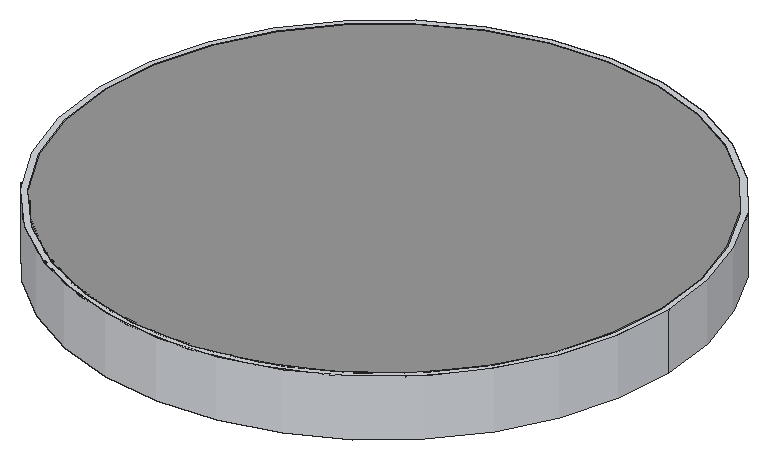
Revit family "2071199", category Lighting Fixtures, host Face, Revit 2018
Family settings
  Host = Face
  Round Connector Dimension = Use Diameter
  Part Type = Normal
  OmniClass Number = 23.80.70.00
  OmniClass Title = Lighting
  Cut with Voids When Loaded = No
  Light Source = Yes
  Shared = No
  Room Calculation Point = No
Parameters (values of type "2071199 COLOSSAL 600 830 OP DIR+H WHT DALI")
  iner diameter = 588 mm
  Weight = "n/a"
  Wattage Comments = ""
  Wattage = 30 W
  WarrantyStartDate [instance] = "n/a"
  WarrantyGuarantorParts = "n/a"
  WarrantyDurationUnit = "n/a"
  WarrantyDurationParts = ""
  WarrantyDescription = "http://www.sylvania-lighting.com"
  built-in parameter 1150110 = 1 (stored number, unit not read)
  Voltage = 230 V
  URL = "0.99"
  TypeName = "COLOSSAL 600mm 830 OPAL DIR+HAL WHITE DALI"
  Type Image = <None>
  Type Comments = "n/a"
  built-in parameter 1114217 = 1 (stored number, unit not read)
  Tilt Angle = -90.00°
  built-in parameter 1150109 = 1 (stored number, unit not read)
  built-in parameter 1150134 = (empty or 0)
  built-in parameter 1150113 = 1 (stored number, unit not read)
  SerialNumber [instance] = "n/a"
  Photometric Web File = "2071199.ies"
  Material_3_SYL = LED-Sylvania
  PowerFactor = 0
  PowerConsumption = "Lighting"
  NominalLength = 600 mm
  NominalHeight = 93 mm
  NominalDepth = 600 mm
  Name = "COLOSSAL 600mm 830 OPAL DIR+HAL WHITE DALI"
  ModelReference = Name  # "COLOSSAL 600mm 830 OPAL DIR+HAL WHITE DALI"
  ModelNumber = "2071199"
  Model = Name  # "COLOSSAL 600mm 830 OPAL DIR+HAL WHITE DALI"
  Material = "Feilo Sylvania"
  ManufacturerName = "129 lm/W"
  Manufacturer = ""
  LuminousEfficacy = ""
  built-in parameter 1150105 = 270.44 (stored number, unit not read)
  Lumens = 3398.4 lm
  LuminaireType = "0"
  built-in parameter 1150115 = 1 (stored number, unit not read)
  LightOutputRatio = "LED"
  built-in parameter 1150137 = (empty or 0)
  built-in parameter 1150139 = (empty or 0)
  LampsType = Lamp  # "n/a"
  LampNominalLuminous = "3000 K"
  LampMacAdamStep = "80"
  LampColourTemperature = "LED"
  LampColourRenderingIndex = "16500"
  built-in parameter 1150112 = 1 (stored number, unit not read)
  built-in parameter 1150114 = 1 (stored number, unit not read)
  Lamp = "n/a"
  Keynote = "n/a"
  InstallationDate [instance] = "n/a"
  InputVoltage = "0"
  InputNominalFrequency = "3000"
  built-in parameter 1150132 = (empty or 0)
  built-in parameter 1150102 = (empty or 0)
  built-in parameter 1150107 = 3000 (stored number, unit not read)
  built-in parameter 1150138 = (empty or 0)
  IngressProtection = "IfcLightFixtureType"
  ImpactProtectionIndex = "IfcLightFixtureType"
  built-in parameter 1150106 = 2.7044 (stored number, unit not read)
  IfcExportType = "IfcLightFixtureType"
  IfcExportAs = "Class I"
  Emit from Circle Diameter = 385 mm
  Emit Shape Visible in Rendering = no
  ElectricShockClassification = "129"
  built-in parameter 1150104 = 10.524 (stored number, unit not read)
  DocumentationLiterature = "http://www.sylvania-lighting.com/product/en-int/products/2071199"
  DimmingControlOptions = "n/a"
  Material_2_SYL = Polycarbonate_Sylvania_White
  Dimming Lamp Color Temperature Shift = <None>
  Description = "600mm diameter circular architectural luminaire, can be surface mounted or suspended. Powder coated aluminium housing (RAL9016) with polycarbonate opal diffuser. Direct/indirect (halo) light distribution, 5190lm luminuous flux, 40.1W system power, 129lm/W luminiaire efficacy. DALI dimmable. Colour rendering index Ra >80, 3000K Warm White LED, chromaticity tolerance of 3-step MacAdam ellipse. IP40, IK03. 450mA drive current. Electrical protection Class1, 220-240V. Reported lifetime 66k hours L90B10."
  Default Elevation = 1219.2 mm
  CreatedOn = "23/03/2022"
  CreatedBy = "@sylvania-lighting.com"
  Cost = 0
  Color Filter = 16777215
  built-in parameter 1114216 [instance] = (empty or 0)
  ClassificationValue = "EF_70_80"
  ClassificationName = "Uniclass2015"
  Material_1_SYL = Polycarbonate_Sylvania_Opal
  BarCode [instance] = "n/a"
  built-in parameter 1114218 = 1 (stored number, unit not read)
  built-in parameter 1150133 = 10 (stored number, unit not read)
  AssetType = "Fixed"
  AssetIdentifier [instance] = "n/a"
  Assembly Code = "D5020200"
  Apparent Load = 40.1 VA
  Material_4_SYL = none
Reference planes
  plane 1 "Center (Front/Back)": y = 0
  plane 2: z = 0
  plane 3 "Center (Left/Right)": x = 0
  plane 4: x = -300
  plane 5: x = 300
  plane 6: y = 300
  plane 7: y = -300
  plane 8: y = 212
  plane 9: y = -212
  plane 10: z = 93
  plane 11: y = 294
  plane 12: y = -294
  plane 13: through (0, 0, 1219.2) normal (0.5, -0.866, 0)
  plane 14: through (-134.29, 20.617, 1219.2) normal (0.5, -0.866, 0)
  plane 15: through (-144.685, -181.683, 1219.2) normal (-0.5, 0.866, 0)
  plane 16: through (0, 0, 1219.2) normal (0.5, 0.866, 0)
  plane 17: through (178.555, -4.939, 1219.2) normal (0.5, 0.866, 0)
  plane 18: through (87.581, -148.715, 1219.2) normal (0.5, 0.866, 0)
  plane 19: y = 272
  plane 20: through (105.168, 227.067, 1219.2) normal (0.866, 0.5, 0)
  plane 21: through (-104.171, 225.672, 1219.2) normal (0.8572, -0.515, 0)
  plane 22: y = -204.612
  plane 23: through (-296.643, -30.2, 1219.2) normal (0.866, 0.5, 0)
  plane 24: through (153.092, -278.837, 1219.2) normal (-0.866, 0.5, 0)
Forms (mm)
  Extrusion 1, solid, detail levels medium+fine
    sketch origin (0, 0, 0) x (1, 0, 0) y (0, 1, 0)
      loop
        circle (0, 0) r 300
    from 33.023 to 93
  Extrusion 2, void
    sketch origin (0, 0, 0) x (1, 0, 0) y (0, 1, 0)
      loop
        circle (0, 0) r 294
    from 93 to 37.292
  Extrusion 3, solid, material "Glass, White, High Luminance", detail levels fine
    sketch origin (0, 0, 0) x (1, 0, 0) y (0, 1, 0)
      loop
        circle (0, 0) r 294
    from 88.026 to 93
  Extrusion 4, solid, detail levels coarse
    sketch origin (0, 0, 0) x (1, 0, 0) y (0, 1, 0)
      loop
        line (-300, 300) -> (-300, -300) -> (300, -300) -> (300, 300) -> (-300, 300)
    from 0 to 93
  Blend 5, solid, detail levels medium+fine
    base sketch origin (0, 0, 0) x (1, 0, 0) y (0, 1, 0)
      loop
        line (-76.334, 272) -> (-277.665, -63.07) -> (-195.946, -204.612) -> (195.946, -204.612) -> (275.172, -67.388) -> (79.226, 272) -> (-76.334, 272)
    top sketch origin (0, 0, 0) x (1, 0, 0) y (0, 1, 0)
      loop
        line (-226.097, -32.388) -> (-141.097, -179.612) -> (141.097, -179.612) -> (226.097, -32.388) -> (85, 212) -> (-85, 212) -> (-226.097, -32.388)
    from 33.023 to 0
Cuts and joins
  Extrusion 2 cuts Extrusion 1
Lines and regions (mm)
  model lines
    curve 1: line (-85, 212, 0) -> (0, 212, 0)
    curve 2: line (0, 212, 0) -> (85, 212, 0)
Dimensions and locks
  "NominalDepth": plane 6 to plane 7
  "NominalLength": plane 4 to plane 5
  equal spacing: plane 4, plane 3 "Center (Left/Right)", plane 5
  "iner diameter": plane 11 to plane 12
  equal spacing: plane 11, plane 1 "Center (Front/Back)", plane 12
  equal spacing: plane 6, plane 1 "Center (Front/Back)", plane 7
  "NominalHeight": plane 10 to level
  radius of Extrusion 2 sketch curve = 294 mm
  aligned and locked: plane 2 to host face
  aligned and locked: level to host face
Automatic sketch dimensions
  host sketch curve to host sketch curve = 2438.4 mm  (x2)
  plane 1 "Center (Front/Back)" to Extrusion 1 sketch curve = 0 mm
  Extrusion 1 sketch curve to plane 3 "Center (Left/Right)" = 0 mm
  plane 1 "Center (Front/Back)" to Extrusion 2 sketch curve = 0 mm
  Extrusion 2 sketch curve to plane 3 "Center (Left/Right)" = 0 mm
  plane 1 "Center (Front/Back)" to Extrusion 3 sketch curve = 0 mm
  Extrusion 3 sketch curve to plane 3 "Center (Left/Right)" = 0 mm
  Extrusion 4 sketch curve to plane 4 = 0 mm
  Extrusion 4 sketch curve to plane 5 = 0 mm
  Extrusion 4 sketch curve to plane 7 = 0 mm
  Extrusion 4 sketch curve to plane 6 = 0 mm
  Blend 5 sketch curve to plane 8 = 0 mm
  Blend 5 sketch curve to plane 3 "Center (Left/Right)" = 85 mm
  plane 3 "Center (Left/Right)" to Blend 5 sketch curve = 85 mm
  plane 9 to Blend 5 sketch curve = 32.388 mm
  plane 3 "Center (Left/Right)" to Blend 5 sketch curve = 141.097 mm
  plane 1 "Center (Front/Back)" to Blend 5 sketch curve = 32.388 mm  (x2)
  Blend 5 sketch curve to plane 5 = 73.903 mm
  Blend 5 sketch curve to plane 3 "Center (Left/Right)" = 141.097 mm
  plane 4 to Blend 5 sketch curve = 73.903 mm
  curve 1 to plane 8 = 0 mm
  curve 2 to plane 3 "Center (Left/Right)" = 0 mm
  curve 1 to plane 3 "Center (Left/Right)" = 85 mm
  curve 1 to curve 2 = 85 mm
  Blend 5 sketch curve to plane 21 = 0 mm
  Blend 5 sketch curve to plane 23 = 0 mm  (x2)
  Blend 5 sketch curve to plane 22 = 0 mm
  Blend 5 sketch curve to plane 19 = 0 mm
  plane 21 to Blend 5 sketch curve = 0 mm
  Blend 5 sketch curve to plane 20 = 0 mm  (x2)
  Blend 5 sketch curve to plane 24 = 0 mm  (x2)
  radius of Extrusion 1 sketch curve = 300 mm
  radius of Extrusion 3 sketch curve = 294 mm
Connectors
  electrical at (0, 0, 0), driven by "Apparent Load", driven by "PowerFactor", driven by "Voltage"
    settings: index 1, voltage 230 V, apparent load 40.1 VA, apparent load phase1 0 VA, apparent load phase2 0 VA, apparent load phase3 0 VA, power factor 0, load classification "Lighting", number of poles 1, system type 30, power factor state 1, is connector primary yes, connector utility no, sub classification motor no, connector description ""
